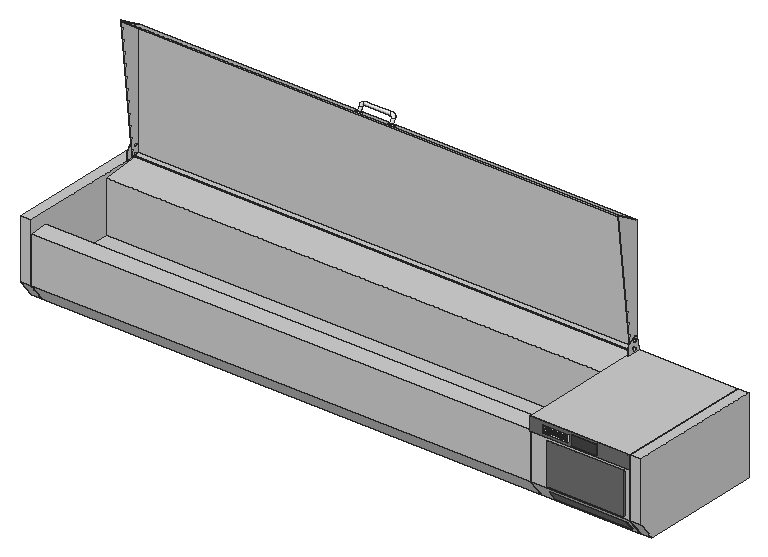
Revit family "Qf_Afinox_VRS1815K", category Specialty Equipment, Revit 2014
Parameters
  Show Logo [instance] = yes
  Show Clearance [instance] = yes
Reference planes
  plane 1 "Back": y = 0
  plane 2: z = 0
  plane 3 "Left": x = 0
  plane 4 "Right": x = 1815
  plane 5 "Front": y = -395
  plane 6 "Top": z = 225
Forms (mm)
  Extrusion 1, solid
    sketch origin (715, 0, 0) x (0, 1, 0) y (0, 0, 1)
      loop
        line (0, 225) -> (-118.091, 213.424) -> (-118.091, 63.424) -> (-342.706, 63.424) -> (-342.706, 191.405) -> (-395, 186.278) -> (-395, 50) -> (-354.511, 0) -> (0, 0) -> (0, 225)
    from -685 to 778
  Extrusion 2, solid
    sketch origin (0, 0, 0) x (0, 1, 0) y (0, 0, 1)
      loop
        line (0, 225) -> (-395, 225) -> (-395, 50) -> (-354.511, 0) -> (0, 0) -> (0, 225)
    from 0 to 30
  Extrusion 3, solid
    sketch origin (1785, 0, 0) x (0, 1, 0) y (0, 0, 1)
      loop
        line (0, 225) -> (-395, 225) -> (-395, 50) -> (-354.511, 0) -> (0, 0) -> (0, 225)
    from 0 to 30
  Extrusion 4, solid
    sketch origin (1755, 0, 0) x (0, 1, 0) y (0, 0, 1)
      loop
        line (0, 225) -> (-395, 225) -> (-395, 50) -> (-354.511, 0) -> (0, 0) -> (0, 225)
    from -262 to 30
  Extrusion 5, solid
    sketch origin (715, -394, -0.038) x (1, 0, 0) y (0, 0, 1)
      loop
        arc (829.65, 178.011) -> (827.352, 177.059) -> (826.4, 174.761) r 3.25
        line (826.4, 174.761) -> (826.4, 59.261)
        arc (826.4, 59.261) -> (827.352, 56.963) -> (829.65, 56.011) r 3.25
        line (829.65, 56.011) -> (1050.15, 56.011)
        arc (1050.15, 56.011) -> (1052.448, 56.963) -> (1053.4, 59.261) r 3.25
        line (1053.4, 59.261) -> (1053.4, 174.761)
        arc (1053.4, 174.761) -> (1052.448, 177.059) -> (1050.15, 178.011) r 3.25
        line (1050.15, 178.011) -> (829.65, 178.011)
    from 0 to 2
  Extrusion 6, solid
    sketch origin (715, -273.564, -98.372) x (1, 0, 0) y (0, -0.62932, 0.777146)
      loop
        arc (829.65, 178.011) -> (827.352, 177.059) -> (826.4, 174.761) r 3.25
        line (826.4, 174.761) -> (826.4, 141.843)
        arc (826.4, 141.843) -> (827.352, 139.544) -> (829.65, 138.593) r 3.25
        line (829.65, 138.593) -> (1050.15, 138.593)
        arc (1050.15, 138.593) -> (1052.448, 139.544) -> (1053.4, 141.843) r 3.25
        line (1053.4, 141.843) -> (1053.4, 174.761)
        arc (1053.4, 174.761) -> (1052.448, 177.059) -> (1050.15, 178.011) r 3.25
        line (1050.15, 178.011) -> (829.65, 178.011)
    from 0 to 2
  Extrusion 7, solid
    sketch origin (707.335, -397, -1.215) x (1, 0, 0) y (0, 0, 1)
      loop
        line (912.065, 221.354) -> (912.065, 192.354) -> (983.065, 192.354) -> (983.065, 221.354) -> (912.065, 221.354)
    from 0 to 3
  Extrusion 8, solid, visible <- "Show Logo"
    sketch origin (1352.556, -397, -384.108) x (1, 0, 0) y (0, 0, 1)
      loop
        line (179.287, 599.596) -> (179.287, 579.899) -> (254.287, 579.899) -> (254.287, 599.596) -> (179.287, 599.596)
      loop
        line (199.226, 597.323) -> (199.226, 582.172) -> (253.014, 582.172) -> (253.014, 597.323) -> (199.226, 597.323)
      loop
        line (180.287, 597.323) -> (180.287, 582.172) -> (198.848, 582.172) -> (198.848, 597.323) -> (180.287, 597.323)
    from 0 to 2
  Extrusion 9, solid, visible <- "Show Logo"
    sketch origin (559.53, -397, -622.718) x (1, 0, 0) y (0, 0, 1)
      loop
        arc (994.034, 825.04) -> (994.842, 823.416) -> (996.479, 824.198) r 1.293
        line (996.479, 824.198) -> (996.958, 825.22) -> (1000.192, 825.22) -> (1000.6, 824.198)
        arc (1000.6, 824.198) -> (1002.252, 823.366) -> (1003.039, 825.04) r 1.291
        line (1003.039, 825.04) -> (999.801, 832.415)
        arc (999.801, 832.415) -> (998.57, 833.402) -> (997.337, 832.418) r 1.263
        line (997.337, 832.418) -> (994.034, 825.04)
      loop
        line (999.576, 827.427) -> (998.603, 829.738) -> (997.631, 827.445) -> (999.576, 827.427)
      loop
        line (1004.344, 832.421) -> (1004.344, 824.556)
        arc (1004.344, 824.556) -> (1005.631, 823.448) -> (1006.918, 824.556) r 1.302
        line (1006.918, 824.556) -> (1006.918, 827.178) -> (1010.126, 827.178)
        arc (1010.126, 827.178) -> (1011.3, 828.493) -> (1010.126, 829.808) r 1.323
        line (1010.126, 829.808) -> (1006.918, 829.808) -> (1006.918, 830.954) -> (1010.126, 830.954)
        arc (1010.126, 830.954) -> (1011.264, 832.233) -> (1010.126, 833.511) r 1.287
        line (1010.126, 833.511) -> (1005.326, 833.511)
        arc (1005.326, 833.511) -> (1004.652, 833.13) -> (1004.344, 832.421) r 1.22
      loop
        line (1012.593, 832.457) -> (1012.593, 824.488)
        arc (1012.593, 824.488) -> (1013.928, 823.343) -> (1015.262, 824.488) r 1.35
        line (1015.262, 824.488) -> (1015.262, 832.457)
        arc (1015.262, 832.457) -> (1013.928, 833.516) -> (1012.593, 832.457) r 1.37
      loop
        arc (1019.372, 832.457) -> (1018.038, 833.516) -> (1016.703, 832.457) r 1.37
        line (1016.703, 832.457) -> (1016.703, 824.488)
        arc (1016.703, 824.488) -> (1018.038, 823.343) -> (1019.372, 824.488) r 1.35
        line (1019.372, 824.488) -> (1019.372, 828.473) -> (1022.448, 824.488)
        arc (1022.448, 824.488) -> (1023.783, 823.343) -> (1025.118, 824.488) r 1.35
        line (1025.118, 824.488) -> (1025.118, 832.457)
        arc (1025.118, 832.457) -> (1023.783, 833.516) -> (1022.448, 832.457) r 1.37
        line (1022.448, 832.457) -> (1022.448, 828.473) -> (1019.372, 832.457)
      loop
        circle (1031.159, 828.429) r 5.095
      loop
        circle (1031.159, 828.429) r 2.733
      loop
        line (1036.425, 831.5) -> (1038.763, 828.375) -> (1036.365, 825.267)
        arc (1036.365, 825.267) -> (1036.712, 823.621) -> (1038.393, 823.703) r 1.296
        line (1038.393, 823.703) -> (1040.42, 826.313) -> (1042.28, 823.703)
        arc (1042.28, 823.703) -> (1043.993, 823.58) -> (1044.434, 825.238) r 1.346
        line (1044.434, 825.238) -> (1042.048, 828.408) -> (1044.37, 831.408)
        arc (1044.37, 831.408) -> (1044.07, 833.196) -> (1042.269, 832.987) r 1.316
        line (1042.269, 832.987) -> (1040.366, 830.453) -> (1038.502, 833.054)
        arc (1038.502, 833.054) -> (1036.78, 833.19) -> (1036.425, 831.5) r 1.308
      loop
        line (1046.04, 835.933) -> (992.253, 835.933) -> (992.253, 820.782) -> (1046.04, 820.782) -> (1046.04, 835.933)
    from 0 to 2
  Extrusion 10, solid, visible <- "Show Logo"
    sketch origin (552.402, -397, -442.664) x (1, 0, 0) y (0, 0, 1)
      loop
        line (980.441, 655.879) -> (980.441, 640.728) -> (999.001, 640.728) -> (999.001, 655.879) -> (980.441, 655.879)
      loop
        arc (982.146, 642.435) -> (982.404, 641.667) -> (983.211, 641.586) r 0.747
        line (983.211, 641.586) -> (989.781, 644.576) -> (996.334, 641.6)
        arc (996.334, 641.6) -> (997.088, 641.702) -> (997.296, 642.435) r 0.695
        line (997.296, 642.435) -> (990.231, 654.688)
        arc (990.231, 654.688) -> (989.721, 654.992) -> (989.211, 654.688) r 0.58
        line (989.211, 654.688) -> (982.146, 642.435)
    from 0 to 2
  Extrusion 11, solid, visible <- "Show Logo"
    sketch origin (518.114, -397, -392.26) x (1, 0, 0) y (0, 0, 1)
      loop
        arc (1016.435, 592.031) -> (1016.693, 591.262) -> (1017.5, 591.182) r 0.747
        line (1017.5, 591.182) -> (1024.07, 594.172) -> (1030.623, 591.195)
        arc (1030.623, 591.195) -> (1031.377, 591.298) -> (1031.584, 592.031) r 0.695
        line (1031.584, 592.031) -> (1024.52, 604.283)
        arc (1024.52, 604.283) -> (1024.01, 604.588) -> (1023.5, 604.283) r 0.58
        line (1023.5, 604.283) -> (1016.435, 592.031)
      loop
        arc (1035.45, 594.582) -> (1036.258, 592.958) -> (1037.895, 593.739) r 1.293
        line (1037.895, 593.739) -> (1038.374, 594.762) -> (1041.608, 594.762) -> (1042.016, 593.739)
        arc (1042.016, 593.739) -> (1043.668, 592.908) -> (1044.455, 594.582) r 1.291
        line (1044.455, 594.582) -> (1041.218, 601.957)
        arc (1041.218, 601.957) -> (1039.986, 602.943) -> (1038.753, 601.959) r 1.263
        line (1038.753, 601.959) -> (1035.45, 594.582)
      loop
        line (1040.992, 596.969) -> (1040.02, 599.279) -> (1039.047, 596.987) -> (1040.992, 596.969)
      loop
        arc (1045.76, 594.097) -> (1047.047, 592.99) -> (1048.334, 594.097) r 1.302
        line (1048.334, 594.097) -> (1048.334, 596.72) -> (1051.542, 596.72)
        arc (1051.542, 596.72) -> (1052.716, 598.035) -> (1051.542, 599.35) r 1.323
        line (1051.542, 599.35) -> (1048.334, 599.35) -> (1048.334, 600.496) -> (1051.542, 600.496)
        arc (1051.542, 600.496) -> (1052.681, 601.774) -> (1051.542, 603.052) r 1.287
        line (1051.542, 603.052) -> (1046.742, 603.052)
        arc (1046.742, 603.052) -> (1046.069, 602.672) -> (1045.76, 601.962) r 1.22
        line (1045.76, 601.962) -> (1045.76, 594.097)
      loop
        arc (1054.01, 594.029) -> (1055.344, 592.884) -> (1056.679, 594.029) r 1.35
        line (1056.679, 594.029) -> (1056.679, 601.999)
        arc (1056.679, 601.999) -> (1055.344, 603.058) -> (1054.01, 601.999) r 1.37
        line (1054.01, 601.999) -> (1054.01, 594.029)
      loop
        arc (1058.12, 594.029) -> (1059.454, 592.884) -> (1060.789, 594.029) r 1.35
        line (1060.789, 594.029) -> (1060.789, 598.014) -> (1063.865, 594.029)
        arc (1063.865, 594.029) -> (1065.199, 592.884) -> (1066.534, 594.029) r 1.35
        line (1066.534, 594.029) -> (1066.534, 601.999)
        arc (1066.534, 601.999) -> (1065.199, 603.058) -> (1063.865, 601.999) r 1.37
        line (1063.865, 601.999) -> (1063.865, 598.014) -> (1060.789, 601.999)
        arc (1060.789, 601.999) -> (1059.454, 603.058) -> (1058.12, 601.999) r 1.37
        line (1058.12, 601.999) -> (1058.12, 594.029)
      loop
        circle (1072.575, 597.971) r 5.095
      loop
        circle (1072.575, 597.971) r 2.733
      loop
        line (1080.18, 597.917) -> (1077.782, 594.809)
        arc (1077.782, 594.809) -> (1078.129, 593.163) -> (1079.809, 593.245) r 1.296
        line (1079.809, 593.245) -> (1081.836, 595.854) -> (1083.697, 593.245)
        arc (1083.697, 593.245) -> (1085.409, 593.121) -> (1085.851, 594.78) r 1.346
        line (1085.851, 594.78) -> (1083.464, 597.949) -> (1085.787, 600.95)
        arc (1085.787, 600.95) -> (1085.486, 602.737) -> (1083.686, 602.528) r 1.316
        line (1083.686, 602.528) -> (1081.782, 599.994) -> (1079.918, 602.596)
        arc (1079.918, 602.596) -> (1078.197, 602.731) -> (1077.841, 601.041) r 1.308
        line (1077.841, 601.041) -> (1080.18, 597.917)
    from 0 to 2
  Extrusion 12, solid
    sketch origin (580.935, -395, 3.646) x (1, 0, 0) y (0, 0, 1)
      loop
        line (912.065, 221.354) -> (912.065, 182.633) -> (1204.065, 182.633) -> (1204.065, 221.354) -> (912.065, 221.354)
    from 0 to 2
  Extrusion 13, solid
    sketch origin (715, -6.8, 0) x (1, 0, 0) y (0, 0, 1)
      loop
        circle (1050, 20) r 5
    from -17.6 to -6.8
  Extrusion 14, solid
    sketch origin (715, 0, 0) x (1, 0, 0) y (0, 0, 1)
      loop
        line (-685, 13) -> (1070, 13) -> (1070, 186) -> (-685, 186) -> (-685, 13)
      loop
        circle (1050, 20) r 5
    from -10.8 to 0
  Extrusion 15, solid
    sketch origin (715, 0, 0) x (0, 1, 0) y (0, 0, 1)
      loop
        line (-4.839, 566.059) -> (-5.711, 567.602) -> (-67.897, 604.966) -> (-67.483, 601.218) -> (-7.839, 565.38) -> (-7.839, 234.059) -> (-26.661, 234.059) -> (-26.661, 231.059) -> (-4.839, 231.059) -> (-4.839, 566.059)
    from -680.5 to 773.5
  Extrusion 16, solid
    sketch origin (31.5, 0, 0) x (0, 1, 0) y (0, 0, 1)
      loop
        line (-26.661, 231.059) -> (-4.839, 231.059) -> (-4.839, 566.059) -> (-5.711, 567.602) -> (-67.897, 604.966) -> (-26.661, 231.059)
    from 0 to 3
  Extrusion 17, solid
    sketch origin (1488.5, 0, 0) x (0, 1, 0) y (0, 0, 1)
      loop
        line (-26.661, 231.059) -> (-4.839, 231.059) -> (-4.839, 566.059) -> (-5.711, 567.602) -> (-67.897, 604.966) -> (-26.661, 231.059)
    from 0 to 3
  Extrusion 18, solid
    sketch origin (27.5, 0, 0) x (0, 1, 0) y (0, 0, 1)
      loop
        line (-1.6, 229.5) -> (-9.4, 262.31)
        arc (-9.4, 262.31) -> (-13.213, 264.976) -> (-16.305, 261.5) r 3.5
        line (-16.305, 261.5) -> (-16.305, 258.7)
        arc (-16.305, 258.7) -> (-19.222, 255.38) -> (-22.819, 257.948) r 3.295
        arc (-22.819, 257.948) -> (-23.057, 258.376) -> (-23.545, 258.419) r 0.522
        arc (-23.545, 258.419) -> (-35.086, 251.292) -> (-39.6, 238.5) r 20.384
        line (-39.6, 238.5) -> (-39.6, 225) -> (-1.6, 225) -> (-1.6, 229.5)
      loop
        line (-16.414, 236.961) -> (-18.9, 242.422)
        arc (-18.9, 242.422) -> (-23.535, 244.158) -> (-25.271, 239.523) r 3.5
        line (-25.271, 239.523) -> (-22.786, 234.062)
        arc (-22.786, 234.062) -> (-18.15, 232.326) -> (-16.414, 236.961) r 3.5
    from 0 to 2.5
  Revolve 19, solid
    sketch origin (0, -19.388, 0) x (1, 0, 0) y (0, 0, 1)
      loop
        line (23.5, 258.511) -> (37.5, 258.511) -> (37.5, 261.033) -> (32.5, 261.033) -> (31.5, 261.5) -> (24.493, 261.5) -> (23.5, 260.507) -> (23.5, 258.511)
      axis (23.5, 258.511) -> (37.5, 258.511)
    angle from 0 to 360
  Revolve 20, solid
    sketch origin (0, -19.388, -23) x (1, 0, 0) y (0, 0, 1)
      loop
        line (23.5, 258.511) -> (37.5, 258.511) -> (37.5, 261.033) -> (32.5, 261.033) -> (31.5, 261.5) -> (24.493, 261.5) -> (23.5, 260.507) -> (23.5, 258.511)
      axis (23.5, 258.511) -> (37.5, 258.511)
    angle from 0 to 360
  Extrusion 21, solid
    sketch origin (1495.5, 0, 0) x (0, 1, 0) y (0, 0, -1)
      loop
        line (-1.6, -229.5) -> (-1.6, -225) -> (-39.6, -225) -> (-39.6, -238.5)
        arc (-39.6, -238.5) -> (-35.086, -251.292) -> (-23.545, -258.419) r 20.384
        arc (-23.545, -258.419) -> (-23.057, -258.376) -> (-22.819, -257.948) r 0.522
        arc (-22.819, -257.948) -> (-19.222, -255.38) -> (-16.305, -258.7) r 3.295
        line (-16.305, -258.7) -> (-16.305, -261.5)
        arc (-16.305, -261.5) -> (-13.213, -264.976) -> (-9.4, -262.31) r 3.5
        line (-9.4, -262.31) -> (-1.6, -229.5)
      loop
        arc (-16.414, -236.961) -> (-18.15, -232.326) -> (-22.786, -234.062) r 3.5
        line (-22.786, -234.062) -> (-25.271, -239.523)
        arc (-25.271, -239.523) -> (-23.535, -244.158) -> (-18.9, -242.422) r 3.5
        line (-18.9, -242.422) -> (-16.414, -236.961)
    from 0 to 2.5
  Revolve 22, solid
    sketch origin (1523, -19.388, 0) x (-1, 0, 0) y (0, 0, -1)
      loop
        line (23.5, -258.511) -> (23.5, -260.507) -> (24.493, -261.5) -> (31.5, -261.5) -> (32.5, -261.033) -> (37.5, -261.033) -> (37.5, -258.511) -> (23.5, -258.511)
      axis (23.5, -258.511) -> (37.5, -258.511)
    angle from 0 to 360
  Revolve 23, solid
    sketch origin (1523, -19.388, -23) x (-1, 0, 0) y (0, 0, -1)
      loop
        line (23.5, -258.511) -> (23.5, -260.507) -> (24.493, -261.5) -> (31.5, -261.5) -> (32.5, -261.033) -> (37.5, -261.033) -> (37.5, -258.511) -> (23.5, -258.511)
      axis (23.5, -258.511) -> (37.5, -258.511)
    angle from 0 to 360
  Sweep 24, solid
    path origin (357.999, -355.476, 85.218) x (1, 0, 0) y (0, 0.515038, 0.857167)
      loop
        line (356.001, 596.626) -> (356.001, 610.769)
        arc (356.001, 610.769) -> (358.302, 616.325) -> (363.858, 618.626) r 7.857
        line (363.858, 618.626) -> (443.144, 618.626)
        arc (443.144, 618.626) -> (448.7, 616.325) -> (451.001, 610.769) r 7.857
        line (451.001, 610.769) -> (451.001, 596.626)
    profile origin (714, -44.549, 602.688) x (-1, 0, 0) y (0, -0.857167, 0.515038)
      loop
        circle (0, 0) r 4
  Revolve 25, solid
    sketch origin (713.967, 0, 0) x (0, 1, 0) y (0, 0, 1)
      loop
        line (-48.191, 596.626) -> (-51.796, 598.792)
        arc (-51.796, 598.792) -> (-53.02, 598.984) -> (-54.032, 598.269) r 1.648
        line (-54.032, 598.269) -> (-54.747, 598.698)
        arc (-54.747, 598.698) -> (-55.805, 598.856) -> (-56.664, 598.217) r 1.396
        line (-56.664, 598.217) -> (-49.736, 594.055) -> (-48.191, 596.626)
      axis (-48.191, 596.626) -> (-49.736, 594.055)
    angle from 0 to 360
  Revolve 26, solid
    sketch origin (808.967, 0, 0) x (0, 1, 0) y (0, 0, 1)
      loop
        line (-48.191, 596.626) -> (-51.796, 598.792)
        arc (-51.796, 598.792) -> (-53.02, 598.984) -> (-54.032, 598.269) r 1.648
        line (-54.032, 598.269) -> (-54.747, 598.698)
        arc (-54.747, 598.698) -> (-55.805, 598.856) -> (-56.664, 598.217) r 1.396
        line (-56.664, 598.217) -> (-49.736, 594.055) -> (-48.191, 596.626)
      axis (-48.191, 596.626) -> (-49.736, 594.055)
    angle from 0 to 360
Lines and regions (mm)
  symbolic lines, style "200-EquipBorder-2D"
    curve 1: line (0, 0, 0) -> (1815, 0, 0)
    curve 2: line (0, -395, 0) -> (0, 0, 0)
    curve 3: line (1815, -395, 0) -> (0, -395, 0)
    curve 4: line (1815, 0, 0) -> (1815, -395, 0)
    curve 10: line (30, 0, 0) -> (30, 10.8, 0)
    curve 11: line (30, 10.8, 0) -> (1785, 10.8, 0)
    curve 12: line (1785, 10.8, 0) -> (1785, 0, 0)
  symbolic lines, style "200-EquipInternal-2D"
    curve 5: line (30, -22.377, 0) -> (30, -395, 0)
    curve 6: line (1493, -22.377, 0) -> (1493, -395, 0)
    curve 7: line (1785, 0, 0) -> (1785, -395, 0)
    curve 8: line (1493, -342.706, 0) -> (30, -342.706, 0)
    curve 9: line (30, -118.091, 0) -> (1493, -118.091, 0)
    curve 13: line (31.5, -4.839, 0) -> (1491.5, -4.839, 0)
    curve 14: line (31.5, -67.897, 0) -> (31.5, -4.839, 0)
    curve 15: line (1491.5, -67.897, 0) -> (31.5, -67.897, 0)
    curve 16: line (1491.5, -4.839, 0) -> (1491.5, -67.897, 0)
    curve 17: line (1499.5, -17.393, 0) -> (1499.5, -21.384, 0)
    curve 18: line (1499.5, -21.384, 0) -> (1498.507, -22.377, 0)
    curve 19: line (1498.507, -22.377, 0) -> (1491.5, -22.377, 0)
    curve 20: line (1498.507, -16.4, 0) -> (1491.5, -16.4, 0)
    curve 21: line (1498.507, -16.4, 0) -> (1499.5, -17.393, 0)
    curve 22: line (1493, 0, 0) -> (1493, -16.4, 0)
    curve 23: line (1493, -1.6, 0) -> (1495.5, -1.6, 0)
    curve 24: line (1495.5, -1.6, 0) -> (1495.5, -16.4, 0)
    curve 25: line (1495.5, -22.377, 0) -> (1495.5, -39.6, 0)
    curve 26: line (1495.5, -39.6, 0) -> (1493, -39.6, 0)
    curve 27: line (31.5, -16.414, 0) -> (24.493, -16.414, 0)
    curve 28: line (24.493, -16.414, 0) -> (23.5, -17.407, 0)
    curve 29: line (23.5, -17.407, 0) -> (23.5, -21.384, 0)
    curve 30: line (23.5, -21.384, 0) -> (24.493, -22.377, 0)
    curve 31: line (24.493, -22.377, 0) -> (31.5, -22.377, 0)
    curve 32: line (30, -1.6, 0) -> (27.5, -1.6, 0)
    curve 33: line (27.5, -1.6, 0) -> (27.5, -16.414, 0)
    curve 34: line (27.5, -22.377, 0) -> (27.5, -39.6, 0)
    curve 35: line (27.5, -39.6, 0) -> (30, -39.6, 0)
    curve 36: spline (709.822, -43.789, 0) -> (707.283, -45.842, 0) -> (705.991, -48.62, 0) -> (706.185, -51.607, 0) -> (707.83, -54.244, 0) -> (710.62, -56.042, 0) -> (714.033, -56.664, 0) -> (717.434, -55.995, 0) -> (720.189, -54.159, 0) -> (721.784, -51.498, 0) -> (721.922, -48.51, 0) -> (720.577, -45.749, 0) -> (718, -43.733, 0)
    curve 37: spline (805, -43.701, 0) -> (802.391, -45.709, 0) -> (801.02, -48.475, 0) -> (801.145, -51.479, 0) -> (802.742, -54.154, 0) -> (805.51, -55.999, 0) -> (808.93, -56.664, 0) -> (812.356, -56.026, 0) -> (815.145, -54.204, 0) -> (816.77, -51.541, 0) -> (816.928, -48.539, 0) -> (815.587, -45.762, 0) -> (813, -43.733, 0)
    curve 38: spline (718, -48.191, 0) -> (717.864, -49.079, 0) -> (717.464, -49.906, 0) -> (716.828, -50.616, 0) -> (716, -51.161, 0) -> (715.035, -51.503, 0) -> (714, -51.62, 0) -> (712.965, -51.503, 0) -> (712, -51.161, 0) -> (711.172, -50.616, 0) -> (710.536, -49.906, 0) -> (710.136, -49.079, 0) -> (710, -48.191, 0)
    curve 39: spline (813, -48.191, 0) -> (812.864, -49.079, 0) -> (812.464, -49.906, 0) -> (811.828, -50.616, 0) -> (811, -51.161, 0) -> (810.035, -51.503, 0) -> (809, -51.62, 0) -> (807.965, -51.503, 0) -> (807, -51.161, 0) -> (806.172, -50.616, 0) -> (805.536, -49.906, 0) -> (805.136, -49.079, 0) -> (805, -48.191, 0)
    curve 40: line (710, -48.191, 0) -> (710, -40.849, 0)
    curve 41: line (718, -48.191, 0) -> (718, -41.684, 0)
    curve 42: line (805, -48.191, 0) -> (805, -41.628, 0)
    curve 43: line (813, -48.191, 0) -> (813, -40.849, 0)
    curve 44: line (721.774, -40.849, 0) -> (801.472, -40.849, 0)
    curve 45: line (721.774, -32.842, 0) -> (801.226, -32.842, 0)
    curve 46: spline (721.774, -32.842, 0) -> (720.237, -32.911, 0) -> (718.726, -33.115, 0) -> (717.268, -33.452, 0) -> (715.887, -33.915, 0) -> (714.606, -34.497, 0) -> (713.448, -35.187, 0) -> (712.433, -35.975, 0) -> (711.577, -36.846, 0) -> (710.896, -37.785, 0) -> (710.401, -38.777, 0) -> (710.101, -39.804, 0) -> (710, -40.849, 0)
    curve 47: spline (801.226, -32.842, 0) -> (802.763, -32.911, 0) -> (804.274, -33.115, 0) -> (805.732, -33.452, 0) -> (807.113, -33.915, 0) -> (808.394, -34.497, 0) -> (809.552, -35.187, 0) -> (810.567, -35.975, 0) -> (811.423, -36.846, 0) -> (812.104, -37.785, 0) -> (812.599, -38.777, 0) -> (812.899, -39.804, 0) -> (813, -40.849, 0)
    curve 48: arc (805, -41.628, 0) -> (803.279, -41.046, 0) -> (801.472, -40.849, 0) r 8.377
    curve 49: arc (718, -41.684, 0) -> (719.841, -41.061, 0) -> (721.774, -40.849, 0) r 8.945
    curve 50: line (30, 0, 0) -> (30, -16.414, 0)
Dimensions and locks
  plane 3 "Left" to plane 4 "Right" = 1815 mm
  plane 5 "Front" to plane 1 "Back" = 395 mm
  plane 6 "Top" to level = 225 mm
  aligned and locked: level to plane 2
  aligned and locked: Extrusion 14 to Extrusion 1
  aligned and locked: Extrusion 14 to Extrusion 2
Connectors
  electrical at (1765, 10.8, 20)
    settings: on Extrusion 13, index 1, voltage 0 V, apparent load 0 VA, apparent load phase1 0 VA, apparent load phase2 0 VA, apparent load phase3 0 VA, power factor 1, load classification "Other", number of poles 1, system type 31, power factor state 1, is connector primary yes, connector utility no, sub classification motor no, connector description "Electrical connection"
